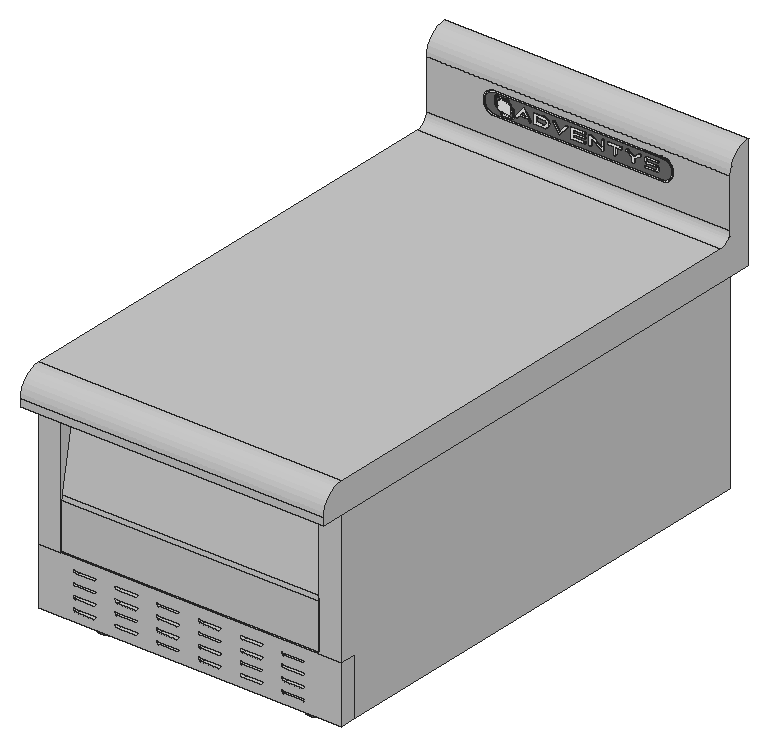
Revit family "QF_ADVENTYS_SKN_700_250903103939", category Specialty Equipment, Revit 2021
Family settings
  Round Connector Dimension = Use Diameter
  Part Type = Normal
  OmniClass Number = 23.40.40.14
  OmniClass Title = Food Service Equipment
  Work Plane-Based = No
  Always vertical = Yes
  Cut with Voids When Loaded = No
  Shared = No
  Room Calculation Point = No
Parameters (values of type "ADV2187")
  Weight in Pounds [instance] = 0
  Weight = 19.50 kg
  Warranty Start Date [instance] = ""
  Warranty Duration [instance] = ""
  URL Recommended Spares List = ""
  URL Manufacturer = ""
  URL Cutsheet = ""
  URL Critical Spares List = ""
  URL = "www.adventys.com"
  Tag Number [instance] = ""
  Status [instance] = ""
  Specification by User [instance] = ""
  Specification by Manufacturer [instance] = ""
  Sound Level [instance] = ""
  Solid Fuel Type [instance] = ""
  Service Life Duration [instance] = ""
  Serial Number [instance] = ""
  Seismic Rating [instance] = ""
  SMACNA No [instance] = ""
  Revision Code [instance] = ""
  Revision [instance] = ""
  Production Year [instance] = ""
  Point Load [instance] = 0
  Other Equipment Approvals [instance] = ""
  NAFEM Spec ID Number [instance] = ""
  Model Warning [instance] = ""
  Model = "SKN 700"
  Masterspec [instance] = ""
  Manufacturer = "ADVENTYS"
  Length Actual = 400 mm
  Item Number [instance] = ""
  Installed By [instance] = ""
  Installation Date [instance] = ""
  Identify Quantity as Lot [instance] = no
  ID [instance] = ""
  Hygiene Approval [instance] = ""
  Hot Water Consumption = 0.0 L/s
  Height Actual = 310 mm
  Furnished By [instance] = ""
  Foodservice Equipment Identifier [instance] = no
  ETL Approved [instance] = no
  Description = "NEUTRAL MODULE"
  Depth Actual = 700 mm
  Default Elevation = 0 mm
  Cost = 0
  CSI MasterFormat [instance] = ""
  CE Approved [instance] = no
  Barcode [instance] = 0
  Author [instance] = ""
  Asset Identifier [instance] = ""
  Accessory = no
Reference planes
  plane 1 "Center (Front/Back)": y = 0
  plane 2: z = 0
  plane 3 "Center (Left/Right)": x = 0
Dimensions and locks
  aligned and locked: level to plane 2
Nested families
  nested 1: "QF_ADVENTYS_ADV2187_2916" at (0, 0, 0), type "ADV2187"
    with Status "", Show Logo yes, Show Clearance yes
Definition of nested family "QF_ADVENTYS_ADV2187_2916"
  Parameters (values of type "ADV2187")
    URL = "www.adventys.com"
    Status [instance] = ""
    Show Logo [instance] = yes
    Show Clearance [instance] = yes
    Model = "SKN 700"
    Manufacturer = "ADVENTYS"
    Description = "NEUTRAL MODULE"
    Default Elevation = 0 mm
    Author = "SPECIFI"
    Assembly Code = "E1090320"
  Reference planes
    plane 1 "Back": y = 0
    plane 2: z = 0
    plane 3 "Left": x = 0
    plane 4 "Right": x = 400
    plane 5 "Front": y = -700
    plane 6 "Top": z = 310
  Forms (mm)
    Extrusion 1, solid
      sketch origin (0, -550, -8.601) x (0, 1, 0) y (0, 0, 1)
        loop
          line (-150, 278.601) -> (550, 278.601) -> (550, 428.601)
          arc (550, 428.601) -> (528.787, 419.815) -> (520, 398.601) r 30
          line (520, 398.601) -> (520, 333.601)
          arc (520, 333.601) -> (515.607, 322.995) -> (505, 318.601) r 15
          line (505, 318.601) -> (-120, 318.601)
          arc (-120, 318.601) -> (-141.213, 309.815) -> (-150, 288.601) r 30
          line (-150, 288.601) -> (-150, 278.601)
      from 0 to 400
    Extrusion 2, solid, visible <- "Show Logo"
      sketch origin (66.717, 146.57, 781.431) x (1, 0, 0) y (0, 0, 1)
        loop
          arc (26.945, -405.612) -> (25.297, -406.294) -> (24.615, -407.942) r 2.329
          line (24.615, -407.942) -> (24.615, -413.701)
          arc (24.615, -413.701) -> (25.333, -415.383) -> (27.044, -416.028) r 2.329
          line (27.044, -416.028) -> (27.044, -411.667)
          arc (27.044, -411.667) -> (28.249, -409.269) -> (30.753, -408.302) r 3.727
          line (30.753, -408.302) -> (40.699, -408.302)
          arc (40.699, -408.302) -> (40.168, -406.427) -> (38.398, -405.612) r 2.329
          line (38.398, -405.612) -> (26.945, -405.612)
        loop
          arc (26.945, -404.215) -> (24.309, -405.306) -> (23.218, -407.942) r 3.727
          line (23.218, -407.942) -> (23.218, -413.701)
          arc (23.218, -413.701) -> (24.345, -416.371) -> (27.044, -417.427) r 3.727
          arc (27.044, -417.427) -> (27.999, -420.299) -> (30.77, -421.516) r 3.727
          arc (30.77, -421.516) -> (31.85, -424.173) -> (34.497, -425.277) r 3.727
          line (34.497, -425.277) -> (45.04, -425.277)
          arc (45.04, -425.277) -> (47.676, -424.185) -> (48.767, -421.55) r 3.727
          line (48.767, -421.55) -> (48.767, -416.154)
          arc (48.767, -416.154) -> (47.662, -413.505) -> (45.002, -412.427) r 3.727
          arc (45.002, -412.427) -> (44.322, -409.853) -> (42.098, -408.389) r 3.727
          arc (42.098, -408.389) -> (41.187, -405.47) -> (38.398, -404.215) r 3.727
          line (38.398, -404.215) -> (26.945, -404.215)
        loop
          arc (45.04, -423.879) -> (46.687, -423.197) -> (47.37, -421.55) r 2.329
          line (47.37, -421.55) -> (47.37, -416.154)
          arc (47.37, -416.154) -> (46.681, -414.501) -> (45.023, -413.825) r 2.329
          line (45.023, -413.825) -> (45.023, -417.789)
          arc (45.023, -417.789) -> (43.932, -420.424) -> (41.297, -421.516) r 3.727
          line (41.297, -421.516) -> (32.168, -421.516)
          arc (32.168, -421.516) -> (32.838, -423.185) -> (34.497, -423.879) r 2.329
          line (34.497, -423.879) -> (45.04, -423.879)
        loop
          arc (51.474, -419.149) -> (51.62, -421.006) -> (53.482, -420.957) r 1.353
          line (53.482, -420.957) -> (56.052, -418.386) -> (66.256, -418.386) -> (68.827, -420.957)
          arc (68.827, -420.957) -> (70.688, -421.006) -> (70.834, -419.149) r 1.353
          line (70.834, -419.149) -> (61.154, -407.195) -> (51.474, -419.149)
        loop
          line (61.154, -412) -> (57.878, -416.046) -> (64.43, -416.046) -> (61.154, -412)
        loop
          line (75.318, -407.422) -> (75.318, -421.177) -> (88.277, -421.177)
          arc (88.277, -421.177) -> (95.155, -414.299) -> (88.277, -407.422) r 6.877
          line (88.277, -407.422) -> (75.318, -407.422)
        loop
          line (88.277, -411.041) -> (78.937, -411.041) -> (78.937, -417.558) -> (88.277, -417.558)
          arc (88.277, -417.558) -> (91.536, -414.299) -> (88.277, -411.041) r 3.259
        loop
          arc (101.821, -408.219) -> (99.959, -408.171) -> (99.813, -410.027) r 1.353
          line (99.813, -410.027) -> (109.493, -421.981) -> (119.174, -410.027)
          arc (119.174, -410.027) -> (119.028, -408.171) -> (117.166, -408.219) r 1.353
          line (117.166, -408.219) -> (109.493, -417.694) -> (101.821, -408.219)
        loop
          line (142.076, -407.26) -> (123.764, -407.26) -> (123.764, -421.177) -> (142.076, -421.177)
          arc (142.076, -421.177) -> (143.489, -419.764) -> (142.076, -418.35) r 1.413
          line (142.076, -418.35) -> (126.938, -418.35) -> (126.938, -415.564) -> (142.076, -415.564)
          arc (142.076, -415.564) -> (143.355, -414.285) -> (142.076, -413.006) r 1.279
          line (142.076, -413.006) -> (126.938, -413.006) -> (126.938, -410.087) -> (142.076, -410.087)
          arc (142.076, -410.087) -> (143.489, -408.673) -> (142.076, -407.26) r 1.413
        loop
          line (147.746, -409.199) -> (147.746, -419.562)
          arc (147.746, -419.562) -> (149.249, -421.066) -> (150.753, -419.562) r 1.504
          line (150.753, -419.562) -> (150.753, -411.984) -> (164.154, -420.358)
          arc (164.154, -420.358) -> (166.328, -420.415) -> (167.432, -418.542) r 2.142
          line (167.432, -418.542) -> (167.432, -408.927)
          arc (167.432, -408.927) -> (165.846, -407.341) -> (164.26, -408.927) r 1.586
          line (164.26, -408.927) -> (164.26, -416.262) -> (150.507, -407.668)
          arc (150.507, -407.668) -> (148.676, -407.62) -> (147.746, -409.199) r 1.805
        loop
          arc (173.786, -407.529) -> (172.045, -409.271) -> (173.786, -411.012) r 1.741
          line (173.786, -411.012) -> (180.099, -411.012) -> (180.099, -418.888)
          arc (180.099, -418.888) -> (181.773, -420.563) -> (183.448, -418.888) r 1.675
          line (183.448, -418.888) -> (183.448, -411.012) -> (189.463, -411.012)
          arc (189.463, -411.012) -> (191.205, -409.271) -> (189.463, -407.529) r 1.741
          line (189.463, -407.529) -> (173.786, -407.529)
        loop
          line (206.15, -412.172) -> (199.243, -407.513)
          arc (199.243, -407.513) -> (196.903, -407.967) -> (197.358, -410.307) r 1.685
          line (197.358, -410.307) -> (204.265, -414.966) -> (204.265, -418.978)
          arc (204.265, -418.978) -> (206.15, -420.863) -> (208.035, -418.978) r 1.885
          line (208.035, -418.978) -> (208.035, -414.966) -> (214.942, -410.307)
          arc (214.942, -410.307) -> (215.397, -407.967) -> (213.057, -407.513) r 1.685
          line (213.057, -407.513) -> (206.15, -412.172)
        loop
          line (237.989, -407.529) -> (224.935, -407.529)
          arc (224.935, -407.529) -> (220.943, -411.522) -> (224.935, -415.515) r 3.993
          line (224.935, -415.515) -> (235.702, -415.515)
          arc (235.702, -415.515) -> (237.157, -416.969) -> (235.702, -418.424) r 1.455
          line (235.702, -418.424) -> (222.585, -418.424)
          arc (222.585, -418.424) -> (221.382, -419.627) -> (222.585, -420.83) r 1.203
          line (222.585, -420.83) -> (236.992, -420.83)
          arc (236.992, -420.83) -> (239.726, -416.462) -> (235.818, -413.103) r 3.953
          line (235.818, -413.103) -> (224.727, -413.103)
          arc (224.727, -413.103) -> (223.143, -411.519) -> (224.727, -409.936) r 1.584
          line (224.727, -409.936) -> (237.989, -409.936)
          arc (237.989, -409.936) -> (239.192, -408.732) -> (237.989, -407.529) r 1.203
        loop
          arc (22.934, -401.559) -> (9.66, -414.832) -> (22.934, -428.106) r 13.274
          line (22.934, -428.106) -> (243.631, -428.106)
          arc (243.631, -428.106) -> (256.905, -414.832) -> (243.631, -401.559) r 13.274
          line (243.631, -401.559) -> (22.934, -401.559)
        loop
          arc (22.934, -400.181) -> (8.283, -414.832) -> (22.934, -429.484) r 14.651
          line (22.934, -429.484) -> (243.631, -429.484)
          arc (243.631, -429.484) -> (258.283, -414.832) -> (243.631, -400.181) r 14.651
          line (243.631, -400.181) -> (22.934, -400.181)
      from 176.77 to 176.97
    Extrusion 3, solid, visible <- "Show Logo"
      sketch origin (66.717, -30.4, 781.431) x (1, 0, 0) y (0, 0, 1)
        loop
          arc (243.631, -429.484) -> (258.283, -414.832) -> (243.631, -400.181) r 14.651
          line (243.631, -400.181) -> (22.934, -400.181)
          arc (22.934, -400.181) -> (8.283, -414.832) -> (22.934, -429.484) r 14.651
          line (22.934, -429.484) -> (243.631, -429.484)
      from -0.2 to -0.4
    Extrusion 4, solid
      sketch origin (0, -550, -8.601) x (0, -1, 0) y (0, 0, 1)
        loop
          line (-520, 278.601) -> (-520, 28.601) -> (100, 28.601) -> (100, 103.601) -> (120, 103.601) -> (120, 278.601) -> (-520, 278.601)
      from 0 to -30
    Extrusion 5, solid
      sketch origin (370, -550, -8.601) x (0, -1, 0) y (0, 0, 1)
        loop
          line (-520, 278.601) -> (-520, 28.601) -> (100, 28.601) -> (100, 103.601) -> (120, 103.601) -> (120, 278.601) -> (-520, 278.601)
      from 0 to -30
    Extrusion 6, solid
      sketch origin (0, -550, -8.601) x (0, -1, 0) y (0, 0, 1)
        loop
          line (100, 278.601) -> (-520, 278.601) -> (-520, 28.601) -> (100, 28.601) -> (100, 278.601)
      from -370 to -30
    Extrusion 7, solid
      sketch origin (2.404, -670, 20) x (1, 0, 0) y (0, 0, 1)
        loop
          line (-2.404, 75) -> (-2.404, 0) -> (397.596, 0) -> (397.596, 75) -> (-2.404, 75)
        loop
          arc (43.912, 61.172) -> (44.726, 58.129) -> (47.581, 56.797) r 3.726
          line (47.581, 56.797) -> (70.579, 56.797)
          arc (70.579, 56.797) -> (73.434, 58.129) -> (74.248, 61.172) r 3.726
          line (74.248, 61.172) -> (43.912, 61.172)
        loop
          arc (98.912, 61.172) -> (99.726, 58.129) -> (102.581, 56.797) r 3.726
          line (102.581, 56.797) -> (125.579, 56.797)
          arc (125.579, 56.797) -> (128.434, 58.129) -> (129.248, 61.172) r 3.726
          line (129.248, 61.172) -> (98.912, 61.172)
        loop
          arc (153.912, 61.172) -> (154.726, 58.129) -> (157.581, 56.797) r 3.726
          line (157.581, 56.797) -> (180.579, 56.797)
          arc (180.579, 56.797) -> (183.434, 58.129) -> (184.248, 61.172) r 3.726
          line (184.248, 61.172) -> (153.912, 61.172)
        loop
          arc (208.912, 61.172) -> (209.726, 58.129) -> (212.581, 56.797) r 3.726
          line (212.581, 56.797) -> (235.579, 56.797)
          arc (235.579, 56.797) -> (238.434, 58.129) -> (239.248, 61.172) r 3.726
          line (239.248, 61.172) -> (208.912, 61.172)
        loop
          arc (263.912, 61.172) -> (264.726, 58.129) -> (267.581, 56.797) r 3.726
          line (267.581, 56.797) -> (290.579, 56.797)
          arc (290.579, 56.797) -> (293.434, 58.129) -> (294.248, 61.172) r 3.726
          line (294.248, 61.172) -> (263.912, 61.172)
        loop
          arc (318.912, 61.172) -> (319.726, 58.129) -> (322.581, 56.797) r 3.726
          line (322.581, 56.797) -> (345.579, 56.797)
          arc (345.579, 56.797) -> (348.434, 58.129) -> (349.248, 61.172) r 3.726
          line (349.248, 61.172) -> (318.912, 61.172)
        loop
          arc (43.912, 46.172) -> (44.726, 43.129) -> (47.581, 41.797) r 3.726
          line (47.581, 41.797) -> (70.579, 41.797)
          arc (70.579, 41.797) -> (73.434, 43.129) -> (74.248, 46.172) r 3.726
          line (74.248, 46.172) -> (43.912, 46.172)
        loop
          arc (98.912, 46.172) -> (99.726, 43.129) -> (102.581, 41.797) r 3.726
          line (102.581, 41.797) -> (125.579, 41.797)
          arc (125.579, 41.797) -> (128.434, 43.129) -> (129.248, 46.172) r 3.726
          line (129.248, 46.172) -> (98.912, 46.172)
        loop
          arc (153.912, 46.172) -> (154.726, 43.129) -> (157.581, 41.797) r 3.726
          line (157.581, 41.797) -> (180.579, 41.797)
          arc (180.579, 41.797) -> (183.434, 43.129) -> (184.248, 46.172) r 3.726
          line (184.248, 46.172) -> (153.912, 46.172)
        loop
          arc (208.912, 46.172) -> (209.726, 43.129) -> (212.581, 41.797) r 3.726
          line (212.581, 41.797) -> (235.579, 41.797)
          arc (235.579, 41.797) -> (238.434, 43.129) -> (239.248, 46.172) r 3.726
          line (239.248, 46.172) -> (208.912, 46.172)
        loop
          arc (263.912, 46.172) -> (264.726, 43.129) -> (267.581, 41.797) r 3.726
          line (267.581, 41.797) -> (290.579, 41.797)
          arc (290.579, 41.797) -> (293.434, 43.129) -> (294.248, 46.172) r 3.726
          line (294.248, 46.172) -> (263.912, 46.172)
        loop
          arc (318.912, 46.172) -> (319.726, 43.129) -> (322.581, 41.797) r 3.726
          line (322.581, 41.797) -> (345.579, 41.797)
          arc (345.579, 41.797) -> (348.434, 43.129) -> (349.248, 46.172) r 3.726
          line (349.248, 46.172) -> (318.912, 46.172)
        loop
          arc (43.912, 31.172) -> (44.726, 28.129) -> (47.581, 26.797) r 3.726
          line (47.581, 26.797) -> (70.579, 26.797)
          arc (70.579, 26.797) -> (73.434, 28.129) -> (74.248, 31.172) r 3.726
          line (74.248, 31.172) -> (43.912, 31.172)
        loop
          arc (98.912, 31.172) -> (99.726, 28.129) -> (102.581, 26.797) r 3.726
          line (102.581, 26.797) -> (125.579, 26.797)
          arc (125.579, 26.797) -> (128.434, 28.129) -> (129.248, 31.172) r 3.726
          line (129.248, 31.172) -> (98.912, 31.172)
        loop
          arc (153.912, 31.172) -> (154.726, 28.129) -> (157.581, 26.797) r 3.726
          line (157.581, 26.797) -> (180.579, 26.797)
          arc (180.579, 26.797) -> (183.434, 28.129) -> (184.248, 31.172) r 3.726
          line (184.248, 31.172) -> (153.912, 31.172)
        loop
          arc (208.912, 31.172) -> (209.726, 28.129) -> (212.581, 26.797) r 3.726
          line (212.581, 26.797) -> (235.579, 26.797)
          arc (235.579, 26.797) -> (238.434, 28.129) -> (239.248, 31.172) r 3.726
          line (239.248, 31.172) -> (208.912, 31.172)
        loop
          arc (263.912, 31.172) -> (264.726, 28.129) -> (267.581, 26.797) r 3.726
          line (267.581, 26.797) -> (290.579, 26.797)
          arc (290.579, 26.797) -> (293.434, 28.129) -> (294.248, 31.172) r 3.726
          line (294.248, 31.172) -> (263.912, 31.172)
        loop
          arc (318.912, 31.172) -> (319.726, 28.129) -> (322.581, 26.797) r 3.726
          line (322.581, 26.797) -> (345.579, 26.797)
          arc (345.579, 26.797) -> (348.434, 28.129) -> (349.248, 31.172) r 3.726
          line (349.248, 31.172) -> (318.912, 31.172)
        loop
          arc (43.912, 16.172) -> (44.726, 13.129) -> (47.581, 11.797) r 3.726
          line (47.581, 11.797) -> (70.579, 11.797)
          arc (70.579, 11.797) -> (73.434, 13.129) -> (74.248, 16.172) r 3.726
          line (74.248, 16.172) -> (43.912, 16.172)
        loop
          arc (98.912, 16.172) -> (99.726, 13.129) -> (102.581, 11.797) r 3.726
          line (102.581, 11.797) -> (125.579, 11.797)
          arc (125.579, 11.797) -> (128.434, 13.129) -> (129.248, 16.172) r 3.726
          line (129.248, 16.172) -> (98.912, 16.172)
        loop
          arc (153.912, 16.172) -> (154.726, 13.129) -> (157.581, 11.797) r 3.726
          line (157.581, 11.797) -> (180.579, 11.797)
          arc (180.579, 11.797) -> (183.434, 13.129) -> (184.248, 16.172) r 3.726
          line (184.248, 16.172) -> (153.912, 16.172)
        loop
          arc (208.912, 16.172) -> (209.726, 13.129) -> (212.581, 11.797) r 3.726
          line (212.581, 11.797) -> (235.579, 11.797)
          arc (235.579, 11.797) -> (238.434, 13.129) -> (239.248, 16.172) r 3.726
          line (239.248, 16.172) -> (208.912, 16.172)
        loop
          arc (263.912, 16.172) -> (264.726, 13.129) -> (267.581, 11.797) r 3.726
          line (267.581, 11.797) -> (290.579, 11.797)
          arc (290.579, 11.797) -> (293.434, 13.129) -> (294.248, 16.172) r 3.726
          line (294.248, 16.172) -> (263.912, 16.172)
        loop
          arc (318.912, 16.172) -> (319.726, 13.129) -> (322.581, 11.797) r 3.726
          line (322.581, 11.797) -> (345.579, 11.797)
          arc (345.579, 11.797) -> (348.434, 13.129) -> (349.248, 16.172) r 3.726
          line (349.248, 16.172) -> (318.912, 16.172)
      from 0 to -20
    Extrusion 8, solid
      sketch origin (0, 0, 0) x (1, 0, 0) y (0, 1, 0)
        loop
          circle (62.664, -630) r 15
        loop
          circle (337.336, -630) r 15
        loop
          circle (62.664, -70) r 15
        loop
          circle (337.336, -70) r 15
      from 0 to 20
    Extrusion 9, solid
      sketch origin (0, -550, -8.601) x (0, -1, 0) y (0, 0, 1)
        loop
          line (100, 106.052) -> (120, 106.052) -> (120, 167.088)
          arc (120, 167.088) -> (119.884, 169.528) -> (119.536, 171.947) r 25.679
          line (119.536, 171.947) -> (103.032, 257.579)
          arc (103.032, 257.579) -> (102.259, 262.959) -> (102, 268.389) r 57.125
          line (102, 268.389) -> (102, 276.601) -> (118, 276.601) -> (118, 263.601) -> (120, 263.601) -> (120, 278.601) -> (100, 278.601) -> (100, 106.052)
      from -370 to -30
  Lines and regions (mm)
    symbolic lines
      curve 1: line (400, -700, 0) -> (400, 0, 0)
      curve 2: line (400, 0, 0) -> (0, 0, 0)
      curve 3: line (0, 0, 0) -> (0, -700, 0)
      curve 4: line (400, -700, 0) -> (0, -700, 0)
      curve 5: line (400, -30, 0) -> (0, -30, 0)
  Dimensions and locks
    plane 3 "Left" to plane 4 "Right" = 400 mm
    plane 5 "Front" to plane 1 "Back" = 700 mm
    plane 6 "Top" to level = 310 mm  (x2)
    aligned and locked: level to plane 2
